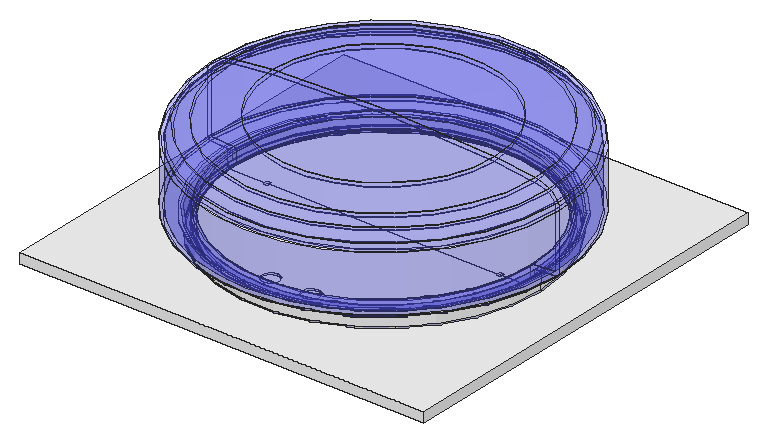
Revit family "BE_50036_de_DE", category Leuchten, Revit 2020
Family settings
  Basisbauteil = Fläche
  Bemaßung runder Anschluss = Durchmesser verwenden
  Teiletyp = Normal
  Beim Laden mit Abzugskörper schneiden = Ja
  Lichtquelle = Ja
  Gemeinsam genutzt = Nein
  Raumberechnungspunkt = Ja
Parameters (values of type "BEGA_50036_K4")
  built-in parameter 1150104 = 11.604 (stored number, unit not read)
  Wattage = 26.9 W
  Default Elevation = 0 mm
  built-in parameter 1150113 = 1 (stored number, unit not read)
  built-in parameter 1114218 = 1 (stored number, unit not read)
  Umgebungstemperatur = "25 °C"
  URL = "https://www.bega.com/de/produkt/50036"
  Typenkommentare = "© 2022 BEGA. Wir behalten uns das Recht vor, technische Änderungen ohne vorherige Ankündigung vorzunehmen."  # constant formula
  built-in parameter 1150134 = (empty or 0)
  built-in parameter 1150109 = 1 (stored number, unit not read)
  Strom = ""
  built-in parameter 1150110 = 1 (stored number, unit not read)
  Spannung = 239.996 V
  Sonderanfertigung = no
  Seriennummer [instance] = "Hier können Sie die eindeutige Seriennummer für das Facility Management eintragen."
  Schutzklasse = "I"
  Schutzart = "IP 20"
  Scheinlast = 0 VA
  Produktdatenblatt = "http://www.bega.de/download/Xrfa/db/50036.db.de.pdf"
  Oberflächentemperatur = ""
  Neigungswinkel = 0.00°
  Model = "50036K2"
  Material_17 = BEGA_Reflektor
  Material_15 = BEGA_Leuchtmedium_matt
  Material_11 = BEGA_Glas_opal
  Material_09 = BEGA_Glas_klar
  Material_06 = BEGA_Oberfläche_Edelstahl_gebürstet
  Material_03 = BEGA_Oberfläche_Weiss_matt
  Material_02 = BEGA_Oberfläche_Silber_matt
  Material_01 [instance] = BEGA_Oberfläche_Grafit_matt
  M_W = no
  M_G = no
  M_A = no
  Logo = 0
  built-in parameter 1114217 = 1 (stored number, unit not read)
  built-in parameter 1150139 = (empty or 0)
  built-in parameter 1150105 = 766.64 (stored number, unit not read)
  built-in parameter 1150114 = 1 (stored number, unit not read)
  Lumens = 3359.81 lm
  built-in parameter 1150115 = 1 (stored number, unit not read)
  Leuchtenlichtstrom = "2193 lm"
  Leuchtenanzahl = ""
  Lebensdauerkriterien = "L70B50 @ 25 °C = 171000 h"
  Lastklassifizierung = Beleuchtung
  built-in parameter 1150112 = 1 (stored number, unit not read)
  Lampenlichtstrom = "3360 lm"
  Lamp = "LED 26.9 W"
  LED_Modulbezeichnung = "LED-0510/927"
  Hersteller = "BEGA"  # constant formula
  Halbstreuwinkel = ""
  Gewicht = "2.75 kg"
  Gebrauchslageneinschränkung [instance] = ""
  Frequenz = "0/50-60 Hz"
  Farbwiedergabeindex = "CRI > 90"
  Farbtemperaturverschiebung bei Dämpfen der Lampe = <Keine Auswahl>
  Farbtemperatur = "2700 K"
  Color Filter = 16777215
  built-in parameter 1150133 = 10 (stored number, unit not read)
  Energieeffizienzklasse = "LED A++ - A"
  built-in parameter 1150137 = (empty or 0)
  built-in parameter 1150132 = (empty or 0)
  ENEC = "ja"
  Dimmbar [instance] = "DALI"
  Photometric Web File = "BE_50036K2.IES"
  CE_Konformität = "ja"
  Bestellnummer = "50036K2"
  Beschreibung_Sonderanfertigung = "Hier können Sie Informationen zur Sonderanfertigung eintragen."
  Beschreibung = "Decken- und Wandleuchte"
  built-in parameter 1150106 = 7.6664 (stored number, unit not read)
  Befestigungsbohrung = "Ø 5,5 mm"
  Befestigungsabstand = "230 mm"
  Ballwurfsicher = ""
  BEGA_Intern_aus = yes
  BEGA_Intern_an = yes
  BEGA_Intern_Konstruktion = yes
  BEGA_Intern = yes
  BEGA_IES = yes
  BEGA_Dummy = no
  Anschlussleitung = ""
  Anschlussleistung [instance] = "30 W"
  Anschlusskasten = ""
  built-in parameter 1150107 = 2700 (stored number, unit not read)
  built-in parameter 1150102 = (empty or 0)
  built-in parameter 1150138 = (empty or 0)
  Aktualisierung = "2020-05-11T04:00:10"
  Abstand_zur_angestrahlten_Fläche [instance] = ""
  AC/DC = "AC/DC"
Types (3, lengths in mm): name | built-in parameter 1150104 | built-in parameter 1150134 | Model | built-in parameter 1150105 | Lumens | Leuchtenlichtstrom | Lampenlichtstrom | LED_Modulbezeichnung | Farbtemperatur | Photometric Web File | Bestellnummer | built-in parameter 1150106 | built-in parameter 1150107
  BEGA_50036_K4 | 12.124 (stored number, unit not read) | 12 | "50036K4" | 279.35 (stored number, unit not read) | 3510.45 lm | "2592 lm" | "3970 lm" | "LED-0510/930" | "4000 K" | "BE_50036K4.IES" | "50036K4" | 2.7935 (stored number, unit not read) | 4000 (stored number, unit not read)
  BEGA_50036_K3 | 11.687 (stored number, unit not read) | (empty or 0) | "50036K3" | 772.2 (stored number, unit not read) | 3384.02 lm | "2592 lm" | "3970 lm" | "LED-0510/930" | "3000 K" | "BE_50036K3.IES" | "50036K3" | 7.722 (stored number, unit not read) | 3000 (stored number, unit not read)
  BEGA_50036_K27 | 12.124 (stored number, unit not read) | 12 | "50036K27" | 279.35 (stored number, unit not read) | 3510.45 lm | "2510 lm" | "3845 lm" | "LED-0510/927" | "2700 K" | "BE_50036K27.IES" | "50036K27" | 2.7935 (stored number, unit not read) | 4000 (stored number, unit not read)
Reference planes
  plane 1 "Mitte (Vorne/Hinten)": y = 0
  plane 2: z = 0
  plane 3 "Mitte (Links/Rechts)": x = 0
  plane 4 "Links": x = -174
  plane 5 "Rechts": x = 174
  plane 6 "Unten": y = -174
  plane 7 "Oben": y = 174
  plane 8 "Vorne": z = 109.9
  plane 9 "Hinten": z = 0
Forms (mm)
  Extrusion 1, solid, material "BEGA_Platte_Weiss"
    sketch origin (0, -1119.2, 0) x (1, 0, 0) y (0, 1, 0)
      loop
        line (-200, 1319.2) -> (-200, 919.2) -> (200, 919.2) -> (200, 1319.2) -> (-200, 1319.2)
    from 0 to -10
  Extrusion 2, solid, material "BEGA_Dummy_matt", visible <- "BEGA_Dummy"
    sketch origin (77.149, -76.023, 0) x (1, 0, 0) y (0, 1, 0)
      loop
        circle (-77.149, 76.023) r 174
    from 0 to 109.9
Dimensions and locks
  plane 1 "Mitte (Vorne/Hinten)" to Extrusion 1 = 200 mm
  aligned and locked: plane 2 to Extrusion 1
  aligned and locked: level to Extrusion 1
Nested families
  nested 1: "BE_50036" at (0, 0, 0) x (0, -1, 0) z (0, 0, 1), type "BE_50036"
Connectors
  electrical at (0, 0, 0), driven by "Lastklassifizierung", driven by "Spannung", driven by "Scheinlast"
    settings: index 1, voltage 239.996 V, apparent load 0 VA, apparent load phase1 0 VA, apparent load phase2 0 VA, apparent load phase3 0 VA, power factor 1, load classification "Beleuchtung", number of poles 1, system type 31, power factor state 1, is connector primary yes, connector utility no, sub classification motor no, connector description ""
Definition of nested family "BE_50036"
  Parameters (values of type "BE_50036")
    Default Elevation = 1 mm
    URL = "http://www.bega.de/de/produkt"
    Type Comments = "© 2015 BEGA. Wir behalten uns das Recht vor, technische Änderungen ohne vorherige Ankündigung vorzunehmen. "  # constant formula
    Type Image = (empty or 0)
    Neigungswinkel_um_Z2 = 0.00°
    Neigungswinkel_um_Z1 = 0.00°
    Neigungswinkel_um_Y2 = 0.00°
    Neigungswinkel_um_Y1 = 0.00°
    Neigungswinkel_um_X2 = 0.00°
    Neigungswinkel_um_X1 = 0.00°
    Material_17 = none
    Material_15 = none
    Material_11 = none
    Material_09 = none
    Material_06 = none
    Material_05 = none
    Material_03 = none
    Material_02 = none
    Material_01 = none
    M_W = yes
    M_G = yes
    M_A = yes
    Länge_Platte = 400 mm  # constant formula
    Höhe_Platte = -10 mm  # constant formula
    Manufacturer = "BEGA"  # constant formula
    Drehwinkel_um_Z2 = 0.00°
    Drehwinkel_um_Z1 = 0.00°
    Breite_Platte = 400 mm  # constant formula
  Reference planes
    plane 1 "Mitte (Oben/Unten)": y = 0
    plane 2: z = 0
    plane 3 "Mitte (Links/Rechts)": x = 0
    plane 4: y = 174
    plane 5: z = 109.9
    plane 6: y = -174
    plane 7: x = -174
    plane 8: x = 174
  Forms (mm)
    Extrusion 1, solid, detail levels medium
      sketch origin (0, 0, 0) x (1, 0, 0) y (0, 1, 0)
        loop
          line (-200, 200) -> (-200, -200) -> (200, -200) -> (200, 200) -> (-200, 200)
      from 0 to -10 <- "Höhe_Platte"
    Revolve 2, solid, material <- "Material_03", detail levels medium+fine
      sketch origin (0, 0, 0) x (0, 1, 0) y (0, 0, 1)
        loop
          line (159, 19.8) -> (159, 20.8) -> (156.831, 20.8)
          arc (156.831, 20.8) -> (155.563, 20.284) -> (155.024, 19.025) r 1.8
          line (155.024, 19.025) -> (154.767, 4.283)
          arc (154.767, 4.283) -> (154.468, 3.587) -> (153.767, 3.3) r 1
          line (153.767, 3.3) -> (0, 3.3) -> (0, 2.3) -> (153.767, 2.3)
          arc (153.767, 2.3) -> (155.169, 2.873) -> (155.767, 4.265) r 2
          line (155.767, 4.265) -> (156.024, 19.01)
          arc (156.024, 19.01) -> (156.264, 19.571) -> (156.829, 19.8) r 0.8
          line (156.829, 19.8) -> (159, 19.8)
        axis (0, 2.3) -> (0, 20.8)
      angle from 0 to 360
    Revolve 3, solid, material <- "Material_03", detail levels medium+fine
      sketch origin (0, 0, 0) x (0, 1, 0) y (0, 0, 1)
        loop
          arc (124.13, 1.943) -> (124.474, 2.206) -> (124.896, 2.3) r 1
          line (124.896, 2.3) -> (125.896, 3.3) -> (117.75, 3.3) -> (117.75, 0) -> (121.108, 0)
          arc (121.108, 0) -> (122.369, 0.281) -> (123.395, 1.067) r 3
          line (123.395, 1.067) -> (124.13, 1.943)
        axis (115, 3.3) -> (115, 0)
      angle from 0 to 360
    Extrusion 4, void
      sketch origin (0, 0, 0) x (1, 0, 0) y (0, 1, 0)
        loop
          circle (115, 20) r 8.5
        loop
          circle (0, 115) r 2.75
        loop
          circle (0, -115) r 2.75
        loop
          circle (115, -20) r 8.5
      from 0 to 7.205
    Revolve 5, solid, material <- "Material_11", detail levels medium+fine
      sketch origin (0, 0, 0) x (0, 1, 0) y (0, 0, 1)
        loop
          arc (150.036, 101.343) -> (130.076, 104.141) -> (110.006, 106.001) r 430
          arc (110.006, 106.001) -> (55.038, 108.925) -> (0, 109.9) r 1553.99
          line (0, 109.9) -> (0, 105.9)
          arc (0, 105.9) -> (54.9, 104.927) -> (109.731, 102.01) r 1549.989
          arc (109.731, 102.01) -> (129.596, 100.17) -> (149.352, 97.401) r 426
          arc (149.352, 97.401) -> (156.196, 95.732) -> (162.704, 93.037) r 46
          arc (162.704, 93.037) -> (166.507, 90.109) -> (168.988, 86) r 13
          arc (168.988, 86) -> (169.743, 83.257) -> (170, 80.424) r 16
          line (170, 80.424) -> (170, 25.506) -> (148.791, 24.394)
          arc (148.791, 24.394) -> (146.425, 23.461) -> (145.1, 21.289) r 4
          line (145.1, 21.289) -> (145.1, 11.074)
          arc (145.1, 11.074) -> (145.5, 9.577) -> (146.592, 8.479) r 3.001
          line (146.592, 8.479) -> (148.263, 7.514)
          arc (148.263, 7.514) -> (149.358, 6.407) -> (149.75, 4.9) r 3.002
          line (149.75, 4.9) -> (153.75, 4.9) -> (153.75, 8.384)
          arc (153.75, 8.384) -> (153.617, 8.887) -> (153.25, 9.256) r 1
          line (153.25, 9.256) -> (149.499, 11.421)
          arc (149.499, 11.421) -> (149.133, 11.787) -> (148.999, 12.287) r 1
          line (148.999, 12.287) -> (149, 19.451)
          arc (149, 19.451) -> (149.272, 20.136) -> (149.94, 20.449) r 1
          line (149.94, 20.449) -> (171.157, 21.561)
          arc (171.157, 21.561) -> (173.176, 22.492) -> (174, 24.557) r 3
          line (174, 24.557) -> (174, 80.418)
          arc (174, 80.418) -> (173.68, 83.965) -> (172.735, 87.4) r 20
          arc (172.735, 87.4) -> (169.48, 92.785) -> (164.489, 96.617) r 17
          arc (164.489, 96.617) -> (157.443, 99.532) -> (150.036, 101.343) r 50
        axis (0, 109.9) -> (0, 4.9)
      angle from 0 to 360
    Revolve 6, solid, material <- "Material_03", detail levels medium+fine
      sketch origin (0, 0, 0) x (0, -1, 0) y (0, 0, 1)
        loop
          arc (124.13, 1.943) -> (124.474, 2.206) -> (124.896, 2.3) r 1
          line (124.896, 2.3) -> (125.896, 3.3) -> (117.75, 3.3) -> (117.75, 0) -> (121.108, 0)
          arc (121.108, 0) -> (122.369, 0.281) -> (123.395, 1.067) r 3
          line (123.395, 1.067) -> (124.13, 1.943)
        axis (115, 3.3) -> (115, 0)
      angle from 0 to 360
  Cuts and joins
    Extrusion 4 cuts Revolve 2
    Extrusion 4 cuts Revolve 3
    joined: Revolve 2, Revolve 3, Revolve 6
  Dimensions and locks
    equal spacing: Extrusion 1 sketch curve, plane 3 "Mitte (Links/Rechts)", Extrusion 1 sketch curve
    equal spacing: Extrusion 1 sketch curve, plane 1 "Mitte (Oben/Unten)", Extrusion 1 sketch curve
    "Länge_Platte": Extrusion 1 sketch curve to Extrusion 1 sketch curve
    "Breite_Platte": Extrusion 1 sketch curve to Extrusion 1 sketch curve
    aligned and locked: plane 2 to Extrusion 1
    aligned and locked: level to Extrusion 1
  Automatic sketch dimensions
    Revolve 2 sketch curve to Revolve 2 sketch curve = 0 mm  (x10)
    Revolve 2 sketch curve to plane 1 "Mitte (Oben/Unten)" = 0 mm  (x2)
    level to Revolve 2 sketch curve = 4.3 mm
    level to Revolve 2 sketch curve = 4.283 mm
    Revolve 2 sketch curve to Revolve 2 sketch curve = 1 mm  (x4)
    Revolve 2 sketch curve to Revolve 2 sketch curve = 0.257 mm
    level to Revolve 2 sketch curve = 4.265 mm
    Revolve 2 sketch curve to Revolve 2 sketch curve = 0.8 mm
    Revolve 2 sketch curve to Revolve 2 sketch curve = 0.004 mm
    Revolve 2 sketch curve to Revolve 2 sketch curve = 0.002 mm
    Revolve 2 sketch curve to Revolve 2 sketch curve = 2.169 mm
    Revolve 2 sketch curve to Revolve 2 sketch curve = 14.735 mm
    Revolve 2 sketch curve to Revolve 2 sketch curve = 0.01 mm
    Revolve 2 sketch curve to Revolve 2 sketch curve = 0.015 mm
    Revolve 2 sketch curve to Revolve 2 sketch curve = 4 mm
    Revolve 3 sketch curve to level = 0 mm
    level to Revolve 3 sketch curve = 3.3 mm
    Revolve 3 sketch curve to Revolve 3 sketch curve = 3.351 mm
    Revolve 3 sketch curve to Revolve 3 sketch curve = 0.007 mm
    level to Revolve 3 sketch curve = 1.067 mm
    level to Revolve 3 sketch curve = 1.3 mm
    Revolve 3 sketch curve to Revolve 3 sketch curve = 1 mm  (x2)
    Revolve 3 sketch curve to Revolve 3 sketch curve = 2.75 mm
    Revolve 3 sketch curve to Revolve 3 sketch curve = 0.766 mm
    Revolve 3 sketch curve to Revolve 3 sketch curve = 0 mm  (x3)
    Revolve 3 sketch curve to level = 2.001 mm
    Revolve 3 sketch curve to Revolve 3 sketch curve = 2 mm
    Revolve 6 sketch curve to level = 0 mm
    Revolve 6 sketch curve to level = 3.3 mm
    Revolve 6 sketch curve to Revolve 6 sketch curve = 3.351 mm
    Revolve 6 sketch curve to Revolve 6 sketch curve = 0.007 mm
    Revolve 6 sketch curve to level = 1.067 mm
    Revolve 6 sketch curve to level = 1.3 mm
    Revolve 6 sketch curve to Revolve 6 sketch curve = 1 mm  (x2)
    Revolve 6 sketch curve to Revolve 6 sketch curve = 2.75 mm
    Revolve 6 sketch curve to Revolve 6 sketch curve = 0.766 mm
    Revolve 6 sketch curve to Revolve 6 sketch curve = 0 mm  (x3)
    level to Revolve 6 sketch curve = 2.001 mm
    Revolve 6 sketch curve to Revolve 6 sketch curve = 2 mm
    Extrusion 4 sketch curve to plane 3 "Mitte (Links/Rechts)" = 0 mm  (x2)
    plane 1 "Mitte (Oben/Unten)" to Extrusion 4 sketch curve = 20 mm
    Extrusion 4 sketch curve to plane 1 "Mitte (Oben/Unten)" = 20 mm
    Revolve 5 sketch curve to Revolve 5 sketch curve = 0 mm  (x33)
    plane 1 "Mitte (Oben/Unten)" to Revolve 5 sketch curve = 0.01 mm
    plane 1 "Mitte (Oben/Unten)" to Revolve 5 sketch curve = 0 mm
    level to Revolve 5 sketch curve = 8.479 mm
    Revolve 5 sketch curve to Revolve 5 sketch curve = 1.492 mm
    Revolve 5 sketch curve to Revolve 5 sketch curve = 0.156 mm
    Revolve 5 sketch curve to Revolve 5 sketch curve = 1.509 mm
    level to Revolve 5 sketch curve = 7.514 mm
    Revolve 5 sketch curve to Revolve 5 sketch curve = 1.671 mm
    Revolve 5 sketch curve to Revolve 5 sketch curve = 3.9 mm
    level to Revolve 5 sketch curve = 11.421 mm
    Revolve 5 sketch curve to Revolve 5 sketch curve = 1.397 mm
    Revolve 5 sketch curve to Revolve 5 sketch curve = 3.001 mm
    Revolve 5 sketch curve to Revolve 5 sketch curve = 0.94 mm
    Revolve 5 sketch curve to Revolve 5 sketch curve = 1 mm  (x3)
    Revolve 5 sketch curve to Revolve 5 sketch curve = 0.501 mm
    Revolve 5 sketch curve to Revolve 5 sketch curve = 3.251 mm
    Revolve 5 sketch curve to Revolve 5 sketch curve = 2.81 mm
    Revolve 5 sketch curve to Revolve 5 sketch curve = 20.06 mm
    Revolve 5 sketch curve to Revolve 5 sketch curve = 4 mm  (x2)
    Revolve 5 sketch curve to Revolve 5 sketch curve = 2.591 mm
    Revolve 5 sketch curve to level = 322.977 mm
    Revolve 5 sketch curve to Revolve 5 sketch curve = 1121.112 mm
    Revolve 5 sketch curve to Revolve 5 sketch curve = 0.001 mm
    Revolve 5 sketch curve to Revolve 5 sketch curve = 3.485 mm
    Revolve 5 sketch curve to Revolve 5 sketch curve = 0.005 mm
    Revolve 5 sketch curve to Revolve 5 sketch curve = 0.348 mm
    Revolve 5 sketch curve to Revolve 5 sketch curve = 0.866 mm
    Revolve 5 sketch curve to Revolve 5 sketch curve = 7.164 mm
    Revolve 5 sketch curve to Revolve 5 sketch curve = 0.049 mm
    Revolve 5 sketch curve to Revolve 5 sketch curve = 0.889 mm
    Revolve 5 sketch curve to Revolve 5 sketch curve = 4.108 mm
    Revolve 5 sketch curve to Revolve 5 sketch curve = 0.949 mm
    Revolve 5 sketch curve to Revolve 5 sketch curve = 28.392 mm
    Revolve 5 sketch curve to Revolve 5 sketch curve = 0.006 mm
    Revolve 5 sketch curve to Revolve 5 sketch curve = 1.05 mm
    Revolve 5 sketch curve to Revolve 5 sketch curve = 0.275 mm
    Revolve 5 sketch curve to Revolve 5 sketch curve = 0.209 mm
    Revolve 5 sketch curve to Revolve 5 sketch curve = 0.5 mm  (x2)
    Revolve 5 sketch curve to Revolve 5 sketch curve = 0.683 mm
    level to Revolve 5 sketch curve = 9.256 mm
    Revolve 5 sketch curve to Revolve 5 sketch curve = 5.894 mm
    Revolve 5 sketch curve to Revolve 5 sketch curve = 1.785 mm
    Revolve 5 sketch curve to Revolve 5 sketch curve = 1.012 mm
    Revolve 5 sketch curve to Revolve 5 sketch curve = 0.157 mm
    level to Revolve 5 sketch curve = 21.561 mm
    Revolve 5 sketch curve to Revolve 5 sketch curve = 3.747 mm
    Revolve 5 sketch curve to Revolve 5 sketch curve = 27.614 mm
    Revolve 5 sketch curve to Revolve 5 sketch curve = 1.032 mm
    level to Revolve 5 sketch curve = 105.9 mm
    Revolve 5 sketch curve to Revolve 5 sketch curve = 13.352 mm
    Revolve 5 sketch curve to Revolve 5 sketch curve = 40 mm
    plane 3 "Mitte (Links/Rechts)" to Extrusion 4 sketch curve = 115 mm
    Extrusion 4 sketch curve to Extrusion 4 sketch curve = 0 mm
    plane 4 to Revolve 2 sketch curve = 20.233 mm
    plane 4 to Revolve 3 sketch curve = 56.25 mm
    Revolve 3 sketch curve to Revolve 3 sketch curve = 2.287 mm
    Revolve 3 sketch curve to Revolve 3 sketch curve = 1.501 mm
    plane 4 to Extrusion 4 sketch curve = 59 mm
    Revolve 5 sketch curve to plane 4 = 0 mm
    Revolve 5 sketch curve to plane 1 "Mitte (Oben/Unten)" = 80.374 mm
    Revolve 5 sketch curve to Revolve 5 sketch curve = 6.887 mm
    Revolve 5 sketch curve to Revolve 5 sketch curve = 14.988 mm
    plane 5 to Revolve 5 sketch curve = 7.89 mm
    plane 6 to Extrusion 4 sketch curve = 59 mm
    Revolve 6 sketch curve to plane 6 = 56.25 mm
    Revolve 6 sketch curve to Revolve 6 sketch curve = 2.287 mm
    Revolve 6 sketch curve to Revolve 6 sketch curve = 1.501 mm
    radius of Extrusion 4 sketch curve = 8.5 mm  (x2)
    radius of Extrusion 4 sketch curve = 2.75 mm  (x2)
